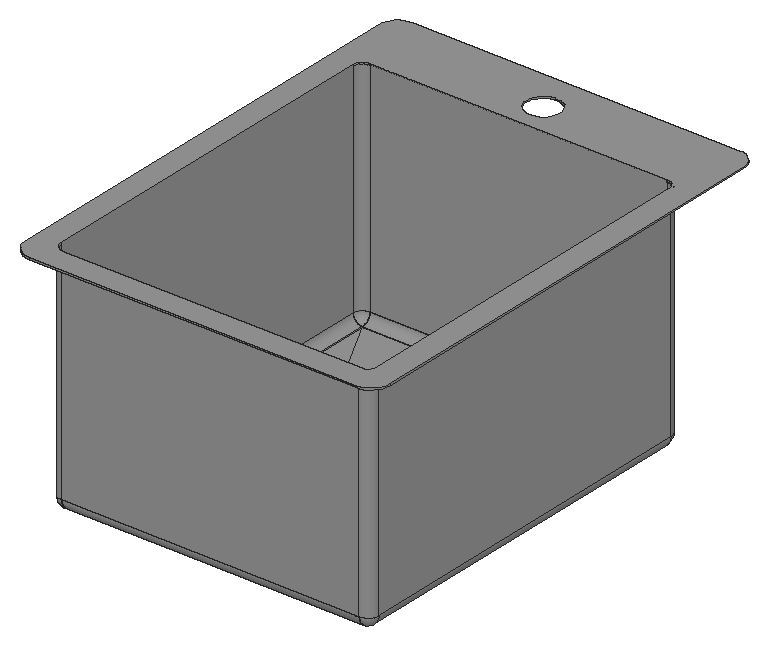
Revit family "BUILDMAT-SNGDTL020-Evelyn-380-Tap-Landing-Brass-Gold", category Plumbing Fixtures, host Face, Revit 2026
Family settings
  Host = Face
  Round Connector Dimension = Use Diameter
  Part Type = Normal
  Enable Cutting in Views = No
  Cut with Voids When Loaded = No
  Maintain Annotation Orientation = No
  Shared = No
  Room Calculation Point = No
Parameters (values of type "Evelyn 380x500x250mm Brushed Brass Gold")
  Width = 330.0 mm
  Undermount [instance] = 0.0 mm
  URL = "https://www.buildmat.com.au/products/evelyn-380-single-bowl-tap-landing-sink"
  Model = "TLAN020"  # constant formula
  Manufacturer URL = "https://www.buildmat.com.au/"
  Manufacturer = "BUILDMAT"  # constant formula
  Length = 400.0 mm
  Description = "BUILDMAT - Evelyn 380x500 Single Bowl with Tap Landing Sink"  # constant formula
  Depth = 250.0 mm
  Default Elevation = 1219.2 mm
  Created By URL = "https://www.buildmat.com.au/"
  Created By = "BUILDMAT"  # constant formula
  Created = "22.06.2022"  # constant formula
  Material = BUILDMAT Brass Gold
Reference planes
  plane 1 "Center (Front/Back)": y = 0
  plane 2: z = 0
  plane 3 "Center (Left/Right)": x = 0
  plane 4 "Top Substrate": z = 0
  plane 5 "Left": x = -165
  plane 6 "Right": x = 165
  plane 7 "Back": y = 200
  plane 8 "Front": y = -200
  plane 9: x = -190
  plane 10: x = 190
  plane 11: y = -225
  plane 12: y = 275
  plane 13 "Bottom Void": z = -250
  plane 14: z = 1.5
  plane 15: x = -166.5
  plane 16: y = -201.5
  plane 17: x = 166.5
  plane 18: y = 201.5
  plane 19: z = -240
  plane 20: z = -230
  plane 21: x = -155
  plane 22: x = 155
  plane 23: y = -190
  plane 24: y = 190
  plane 25: z = -245
  plane 26: z = -241.5
  plane 27: z = -246.5
  plane 28: x = -100
  plane 29: x = 100
  plane 30 "Sound Pad": z = -130
  plane 31 "Front Bracket": y = -100
  plane 32 "Back Bracket": y = 100
  plane 33: x = -65
  plane 34: x = 65
  plane 35: x = -57
  plane 36: x = 57
  plane 37: x = -45
  plane 38: x = 45
  plane 39: y = 232
  plane 40: y = 251.5
  plane 41: x = -178.2
  plane 42: z = -15
  plane 43: x = 178.2
  plane 44: x = -176.7
  plane 45: x = 176.7
Forms (mm)
  Extrusion 1, void
    sketch origin (0, 0, 0) x (1, 0, 0) y (0, 1, 0)
      loop
        arc (-155, 200) -> (-162.071, 197.071) -> (-165, 190) r 10
        line (-165, 190) -> (-165, -190)
        arc (-165, -190) -> (-162.071, -197.071) -> (-155, -200) r 10
        line (-155, -200) -> (155, -200)
        arc (155, -200) -> (162.071, -197.071) -> (165, -190) r 10
        line (165, -190) -> (165, 190)
        arc (165, 190) -> (162.071, 197.071) -> (155, 200) r 10
        line (155, 200) -> (-155, 200)
    from 0 to 1.5
  Extrusion 2, void
    sketch origin (0, 0, 0) x (1, 0, 0) y (0, 1, 0)
      loop
        line (-166.5, 201.5) -> (-166.5, -201.5) -> (166.5, -201.5) -> (166.5, 201.5) -> (-166.5, 201.5)
    from 0 to -250
  Extrusion 3, void
    sketch origin (0, 0, 0) x (1, 0, 0) y (0, 1, 0)
      loop
        arc (-170, 275) -> (-184.142, 269.142) -> (-190, 255) r 20
        line (-190, 255) -> (-190, -205)
        arc (-190, -205) -> (-184.142, -219.142) -> (-170, -225) r 20
        line (-170, -225) -> (170, -225)
        arc (170, -225) -> (184.142, -219.142) -> (190, -205) r 20
        line (190, -205) -> (190, 255)
        arc (190, 255) -> (184.142, 269.142) -> (170, 275) r 20
        line (170, 275) -> (-170, 275)
    from 1.5 to 0
  Extrusion 4, solid, material "BUILDMAT Brass Gold" <- "Material"
    sketch origin (0, 0, 0) x (-1, 0, 0) y (0, -1, 0)
      loop
        arc (170, -275) -> (184.142, -269.142) -> (190, -255) r 20
        line (190, -255) -> (190, 205)
        arc (190, 205) -> (184.142, 219.142) -> (170, 225) r 20
        line (170, 225) -> (-170, 225)
        arc (-170, 225) -> (-184.142, 219.142) -> (-190, 205) r 20
        line (-190, 205) -> (-190, -255)
        arc (-190, -255) -> (-184.142, -269.142) -> (-170, -275) r 20
        line (-170, -275) -> (170, -275)
      loop
        arc (155, -200) -> (162.071, -197.071) -> (165, -190) r 10
        line (165, -190) -> (165, 190)
        arc (165, 190) -> (162.071, 197.071) -> (155, 200) r 10
        line (155, 200) -> (-155, 200)
        arc (-155, 200) -> (-162.071, 197.071) -> (-165, 190) r 10
        line (-165, 190) -> (-165, -190)
        arc (-165, -190) -> (-162.071, -197.071) -> (-155, -200) r 10
        line (-155, -200) -> (155, -200)
    from 0 to 1.5
  Extrusion 5, solid, material "BUILDMAT Brass Gold" <- "Material"
    sketch origin (0, 0, 0) x (-1, 0, 0) y (0, -1, 0)
      loop
        arc (155, -201.5) -> (163.132, -198.132) -> (166.5, -190) r 11.5
        line (166.5, -190) -> (166.5, 190)
        arc (166.5, 190) -> (163.132, 198.132) -> (155, 201.5) r 11.5
        line (155, 201.5) -> (-155, 201.5)
        arc (-155, 201.5) -> (-163.132, 198.132) -> (-166.5, 190) r 11.5
        line (-166.5, 190) -> (-166.5, -190)
        arc (-166.5, -190) -> (-163.132, -198.132) -> (-155, -201.5) r 11.5
        line (-155, -201.5) -> (155, -201.5)
      loop
        arc (-155, 200) -> (-162.071, 197.071) -> (-165, 190) r 10
        line (-165, 190) -> (-165, -190)
        arc (-165, -190) -> (-162.071, -197.071) -> (-155, -200) r 10
        line (-155, -200) -> (155, -200)
        arc (155, -200) -> (162.071, -197.071) -> (165, -190) r 10
        line (165, -190) -> (165, 190)
        arc (165, 190) -> (162.071, 197.071) -> (155, 200) r 10
        line (155, 200) -> (-155, 200)
    from 0 to -230
  Revolve 6, solid, material "BUILDMAT Brass Gold" <- "Material"
    sketch origin (-175.162, 190, 1219.2) x (-1, 0, 0) y (0, 0, 1)
      loop
        line (-340.162, -1449.2) -> (-341.662, -1449.2)
        arc (-341.662, -1449.2) -> (-338.293, -1457.332) -> (-330.162, -1460.7) r 11.5
        line (-330.162, -1460.7) -> (-330.162, -1459.2)
        arc (-330.162, -1459.2) -> (-337.233, -1456.271) -> (-340.162, -1449.2) r 10
      axis (-330.162, -1460.7) -> (-330.162, -1449.2)
    angle from 0 to -90
  Revolve 7, solid, material "BUILDMAT Brass Gold" <- "Material"
    sketch origin (-175.162, 190, 1219.2) x (-1, 0, 0) y (0, 0, 1)
      loop
        arc (-10.162, -1449.2) -> (-13.091, -1456.271) -> (-20.162, -1459.2) r 10
        line (-20.162, -1459.2) -> (-20.162, -1460.7)
        arc (-20.162, -1460.7) -> (-12.03, -1457.332) -> (-8.662, -1449.2) r 11.5
        line (-8.662, -1449.2) -> (-10.162, -1449.2)
      axis (-20.162, -1449.2) -> (-20.162, -1460.7)
    angle from 0 to -90
  Revolve 8, solid, material "BUILDMAT Brass Gold" <- "Material"
    sketch origin (-175.162, -190, 1219.2) x (-1, 0, 0) y (0, 0, 1)
      loop
        arc (-10.162, -1449.2) -> (-13.091, -1456.271) -> (-20.162, -1459.2) r 10
        line (-20.162, -1459.2) -> (-20.162, -1460.7)
        arc (-20.162, -1460.7) -> (-12.03, -1457.332) -> (-8.662, -1449.2) r 11.5
        line (-8.662, -1449.2) -> (-10.162, -1449.2)
      axis (-20.162, -1449.2) -> (-20.162, -1460.7)
    angle from 0 to 90
  Revolve 9, solid, material "BUILDMAT Brass Gold" <- "Material"
    sketch origin (-175.162, -190, 1219.2) x (-1, 0, 0) y (0, 0, 1)
      loop
        line (-340.162, -1449.2) -> (-341.662, -1449.2)
        arc (-341.662, -1449.2) -> (-338.293, -1457.332) -> (-330.162, -1460.7) r 11.5
        line (-330.162, -1460.7) -> (-330.162, -1459.2)
        arc (-330.162, -1459.2) -> (-337.233, -1456.271) -> (-340.162, -1449.2) r 10
      axis (-330.162, -1449.2) -> (-330.162, -1460.7)
    angle from 0 to 90
  Extrusion 10, solid, material "BUILDMAT Brass Gold" <- "Material"
    sketch origin (0, 0, 0) x (1, 0, 0) y (0, 0, 1)
      loop
        line (-165, -230) -> (-166.5, -230)
        arc (-166.5, -230) -> (-163.132, -238.132) -> (-155, -241.5) r 11.5
        line (-155, -241.5) -> (-155, -240)
        arc (-155, -240) -> (-162.071, -237.071) -> (-165, -230) r 10
    from -190 to 190
  Extrusion 11, solid, material "BUILDMAT Brass Gold" <- "Material"
    sketch origin (0, 0, 0) x (1, 0, 0) y (0, 0, 1)
      loop
        arc (165, -230) -> (162.071, -237.071) -> (155, -240) r 10
        line (155, -240) -> (155, -241.5)
        arc (155, -241.5) -> (163.132, -238.132) -> (166.5, -230) r 11.5
        line (166.5, -230) -> (165, -230)
    from -190 to 190
  Extrusion 12, solid, material "BUILDMAT Brass Gold" <- "Material"
    sketch origin (0, 0, 0) x (0, 1, 0) y (0, 0, 1)
      loop
        arc (200, -230) -> (197.071, -237.071) -> (190, -240) r 10
        line (190, -240) -> (190, -241.5)
        arc (190, -241.5) -> (198.132, -238.132) -> (201.5, -230) r 11.5
        line (201.5, -230) -> (200, -230)
    from -155 to 155
  Extrusion 13, solid, material "BUILDMAT Brass Gold" <- "Material"
    sketch origin (0, 0, 0) x (0, 1, 0) y (0, 0, 1)
      loop
        line (-200, -230) -> (-201.5, -230)
        arc (-201.5, -230) -> (-198.132, -238.132) -> (-190, -241.5) r 11.5
        line (-190, -241.5) -> (-190, -240)
        arc (-190, -240) -> (-197.071, -237.071) -> (-200, -230) r 10
    from -155 to 155
  Revolve 14, solid, material "BUILDMAT Brass Gold" <- "Material"
    sketch origin (0, 0, 0) x (1, 0, 0) y (0, 0, 1)
      loop
        line (-45, -250) -> (-45, -248.5)
        spline (-45, -248.5) -> (-46.484, -248.459) -> (-47.939, -248.339) -> (-49.337, -248.141) -> (-50.649, -247.871) -> (-51.848, -247.537) -> (-52.908, -247.151) -> (-53.805, -246.726) -> (-54.514, -246.283) -> (-55.023, -245.856) -> (-55.329, -245.483) -> (-55.468, -245.202) -> (-55.5, -245)
        line (-55.5, -245) -> (-57, -245)
        spline (-57, -245) -> (-56.897, -245.653) -> (-56.591, -246.294) -> (-56.087, -246.913) -> (-55.392, -247.5) -> (-54.52, -248.044) -> (-53.485, -248.536) -> (-52.305, -248.967) -> (-51, -249.33) -> (-49.592, -249.619) -> (-48.106, -249.83) -> (-46.566, -249.957) -> (-45, -250)
      axis (0, -245) -> (0, -250)
    angle from 0 to 360
  Blend 15, solid, material "BUILDMAT Brass Gold" <- "Material"
    base sketch origin (0, 0, 0) x (-1, 0, 0) y (0, -1, 0)
      loop
        circle (0, 0) r 57
    top sketch origin (0, 0, 0) x (-1, 0, 0) y (0, -1, 0)
      loop
        line (155, -190) -> (155, 190) -> (-155, 190) -> (-155, -190) -> (155, -190)
    from -246.5 to -241.5
  Blend 16, void
    base sketch origin (0, 0, 0) x (-1, 0, 0) y (0, -1, 0)
      loop
        circle (0, 0) r 57
    top sketch origin (0, 0, 0) x (-1, 0, 0) y (0, -1, 0)
      loop
        line (155, -190) -> (155, 190) -> (-155, 190) -> (-155, -190) -> (155, -190)
    from -245 to -240
  Extrusion 17, solid, material "BUILDMAT Brass Gold" <- "Material"
    sketch origin (0, 0, 0) x (-1, 0, 0) y (0, -1, 0)
      loop
        line (155, -190) -> (155, 190) -> (-155, 190) -> (-155, -190) -> (155, -190)
    from -241.5 to -240
  Extrusion 18, void
    sketch origin (0, 0, 0) x (-1, 0, 0) y (0, -1, 0)
      loop
        circle (0, 0) r 57
    from -250 to -230
  Extrusion 19, void
    sketch origin (0, 0, 0) x (-1, 0, 0) y (0, -1, 0)
      loop
        circle (0, -232) r 17.5
    from 0 to 100
Cuts and joins
  Extrusion 19 cuts Extrusion 4
  Extrusion 19 cuts Extrusion 5
  joined: Extrusion 4, Extrusion 5
  joined: Revolve 6, Revolve 9
  joined: Revolve 7, Revolve 8
  Blend 16, Extrusion 18 cuts Blend 15
  Blend 16, Extrusion 18 cuts Extrusion 17
  joined: Blend 15, Extrusion 17
Lines and regions (mm)
  Masking region 1
    outline origin (0, 0, 0) x (1, 0, 0) y (0, 0, 1)
      loop
        line (165, 0) -> (-165, 0) -> (-165, -230)
        arc (-165, -230) -> (-162.071, -237.071) -> (-155, -240) r 10
        line (-155, -240) -> (-57, -245) -> (57, -245) -> (155, -240)
        arc (155, -240) -> (162.071, -237.071) -> (165, -230) r 10
        line (165, -230) -> (165, 0)
  Masking region 2
    outline origin (0, 0, 0) x (1, 0, 0) y (0, 0, 1)
      loop
        line (-100, -244.306) -> (-100, -250) -> (-57, -250) -> (-57, -246.5) -> (-100, -244.306)
  Masking region 3
    outline origin (0, 0, 0) x (1, 0, 0) y (0, 0, 1)
      loop
        line (57, -246.5) -> (57, -250) -> (100, -250) -> (100, -244.306) -> (57, -246.5)
  Masking region 4
    outline origin (0, 0, 0) x (1, 0, 0) y (0, 0, 1)
      loop
        line (-178.2, 0) -> (-178.2, -15) -> (-176.7, -15) -> (-176.7, 0) -> (-178.2, 0)
  Masking region 5
    outline origin (0, 0, 0) x (1, 0, 0) y (0, 0, 1)
      loop
        line (176.7, 0) -> (176.7, -15) -> (178.2, -15) -> (178.2, 0) -> (176.7, 0)
Text (mm)
  text "Refer to www.buildmat.com.au for the most current product literature. \nAllow a +/- 5mm tolerance for dimensions shown in the product literature. \nPlease note product details are subject to change due to ongoing product development." at (0.056, -1035.857, 0), in view "Ref. Level"
Dimensions and locks
  "Undermount": plane 2 to plane 4 "Top Substrate"
  equal spacing: plane 5 "Left", plane 3 "Center (Left/Right)", plane 6 "Right"
  "Width": plane 5 "Left" to plane 6 "Right"
  "Length": plane 7 "Back" to plane 8 "Front"
  equal spacing: plane 7 "Back", plane 1 "Center (Front/Back)", plane 8 "Front"
  locked: plane 12 to plane 7 "Back" at 75
  locked: plane 8 "Front" to plane 11 at 25
  locked: plane 9 to plane 5 "Left" at 25
  locked: plane 6 "Right" to plane 10 at 25
  "Depth": plane 4 "Top Substrate" to plane 13 "Bottom Void"
  locked: plane 14 to plane 4 "Top Substrate" at 1.5
  locked: plane 18 to plane 7 "Back" at 1.5
  locked: plane 8 "Front" to plane 16 at 1.5
  plane 15 to plane 5 "Left" = 1.5 mm
  plane 6 "Right" to plane 17 = 1.5 mm
  plane 20 to plane 19 to plane 13 "Bottom Void" = 10.0 mm, 10.0 mm
  locked: plane 5 "Left" to plane 21 at 10
  locked: plane 22 to plane 6 "Right" at 10
  locked: plane 7 "Back" to plane 24 at 10
  locked: plane 23 to plane 8 "Front" at 10
  locked: plane 19 to plane 26 at 1.5
  locked: plane 25 to plane 13 "Bottom Void" at 5
  locked: plane 25 to plane 27 at 1.5
  plane 29 to plane 3 "Center (Left/Right)" to plane 28 = 100.0 mm locked, 100.0 mm locked
  locked: plane 30 "Sound Pad" to plane 13 "Bottom Void" at 120
  locked: plane 7 "Back" to plane 32 "Back Bracket" at 100
  locked: plane 31 "Front Bracket" to plane 8 "Front" at 100
  locked: plane 33 to plane 5 "Left" at 100
  locked: plane 6 "Right" to plane 34 at 100
  plane 37 to plane 3 "Center (Left/Right)" to plane 38 = 45.0 mm locked, 45.0 mm locked
  plane 35 to plane 3 "Center (Left/Right)" to plane 36 = 57.0 mm locked, 57.0 mm locked
  locked: plane 12 to plane 39 at 43
  locked: plane 40 to plane 18 at 50
  plane 44 to plane 41 to plane 9 = 1.5 mm locked, 11.8 mm locked
  plane 10 to plane 43 to plane 45 = 11.8 mm locked, 1.5 mm locked
  locked: plane 4 "Top Substrate" to plane 42 at 15
  aligned and locked: plane 2 to host face
  aligned and locked: level to host face
  aligned and locked: plane 8 "Front" to Extrusion 1 sketch curve
  aligned and locked: Extrusion 1 sketch curve to plane 7 "Back"
  aligned and locked: plane 5 "Left" to Extrusion 1 sketch curve
  aligned and locked: Extrusion 1 sketch curve to plane 6 "Right"
  aligned and locked: plane 2 to Extrusion 1
  aligned and locked: Extrusion 1 to plane 14
  aligned and locked: Extrusion 2 sketch curve to plane 16
  aligned and locked: Extrusion 2 sketch curve to plane 18
  aligned and locked: plane 15 to Extrusion 2 sketch curve
  aligned and locked: plane 17 to Extrusion 2 sketch curve
  aligned and locked: Extrusion 2 to plane 13 "Bottom Void"
  aligned and locked: plane 4 "Top Substrate" to Extrusion 2
  aligned and locked: plane 11 to Extrusion 3 sketch curve
  aligned and locked: plane 9 to Extrusion 3 sketch curve
  aligned and locked: Extrusion 3 sketch curve to plane 10
  aligned and locked: Extrusion 3 sketch curve to plane 12
  aligned and locked: Extrusion 3 to plane 4 "Top Substrate"
  aligned and locked: plane 14 to Extrusion 3
  aligned and locked: plane 11 to Extrusion 4 sketch curve
  aligned and locked: Extrusion 4 sketch curve to plane 12
  aligned and locked: plane 9 to Extrusion 4 sketch curve
  aligned and locked: Extrusion 4 sketch curve to plane 10
  aligned and locked: plane 5 "Left" to Extrusion 4 sketch curve
  aligned and locked: Extrusion 4 sketch curve to plane 6 "Right"
  aligned and locked: Extrusion 4 sketch curve to plane 7 "Back"
  aligned and locked: plane 8 "Front" to Extrusion 4 sketch curve
  aligned and locked: Extrusion 5 sketch curve to plane 7 "Back"
  aligned and locked: plane 5 "Left" to Extrusion 5 sketch curve
  aligned and locked: Extrusion 5 sketch curve to plane 6 "Right"
  aligned and locked: plane 8 "Front" to Extrusion 5 sketch curve
  aligned and locked: plane 15 to Extrusion 5 sketch curve
  aligned and locked: Extrusion 5 sketch curve to plane 16
  aligned and locked: plane 17 to Extrusion 5 sketch curve
  aligned and locked: Extrusion 5 sketch curve to plane 18
  aligned and locked: Extrusion 5 to plane 20
  aligned and locked: plane 4 "Top Substrate" to Extrusion 5
  aligned and locked: Extrusion 11 to plane 23
  aligned and locked: plane 24 to Extrusion 11
  aligned and locked: plane 24 to Extrusion 10
  aligned and locked: Extrusion 10 to plane 23
  aligned and locked: Extrusion 13 to plane 21
  aligned and locked: plane 22 to Extrusion 13
  aligned and locked: plane 22 to Extrusion 12
  aligned and locked: Extrusion 12 to plane 21
  aligned and locked: plane 21 to Blend 15 sketch curve
  aligned and locked: Blend 15 sketch curve to plane 22
  aligned and locked: plane 23 to Blend 15 sketch curve
  aligned and locked: Blend 15 sketch curve to plane 24
  aligned and locked: plane 27 to Blend 15
  aligned and locked: Blend 15 to plane 26
  aligned and locked: Blend 16 sketch curve to plane 24
  aligned and locked: plane 21 to Blend 16 sketch curve
  aligned and locked: Blend 16 sketch curve to plane 22
  aligned and locked: plane 23 to Blend 16 sketch curve
  aligned and locked: Blend 16 to plane 25
  aligned and locked: plane 19 to Blend 16
  aligned and locked: Extrusion 17 sketch curve to plane 24
  aligned and locked: plane 23 to Extrusion 17 sketch curve
  aligned and locked: plane 21 to Extrusion 17 sketch curve
  aligned and locked: Extrusion 17 sketch curve to plane 22
  aligned and locked: Extrusion 17 to plane 26
  aligned and locked: plane 19 to Extrusion 17
  aligned and locked: Extrusion 18 to plane 13 "Bottom Void"
  aligned and locked: plane 20 to Extrusion 18
  aligned and locked: cut or joined group of Blend 15, Blend 16, Extrusion 17, Extrusion 18 to Masking region 2 sketch curve
  aligned and locked: Masking region 3 sketch curve to cut or joined group of Blend 15, Blend 16, Extrusion 17, Extrusion 18
  aligned and locked: plane 3 "Center (Left/Right)" to nested 1
  aligned and locked: nested 1 to plane 30 "Sound Pad"
  aligned and locked: plane 31 "Front Bracket" to nested 3
  aligned and locked: plane 15 to nested 3
  aligned and locked: nested 5 to plane 31 "Front Bracket"
  aligned and locked: plane 17 to nested 5
  aligned and locked: nested 4 to plane 32 "Back Bracket"
  aligned and locked: plane 17 to nested 4
  aligned and locked: plane 32 "Back Bracket" to nested 2
  aligned and locked: plane 15 to nested 2
  aligned and locked: nested 6 to plane 4 "Top Substrate"
  aligned and locked: nested 6 to plane 33
  aligned and locked: nested 7 to plane 4 "Top Substrate"
  aligned and locked: nested 7 to plane 34
  aligned and locked: nested 10 to plane 33
  aligned and locked: nested 11 to plane 34
  aligned and locked: plane 16 to nested 10
  aligned and locked: plane 16 to nested 11
  aligned and locked: plane 33 to nested 8
  aligned and locked: plane 34 to nested 9
  aligned and locked: plane 23 to nested 12
  aligned and locked: plane 24 to nested 12
  aligned and locked: plane 22 to nested 12
  aligned and locked: plane 21 to nested 12
  aligned and locked: plane 3 "Center (Left/Right)" to nested 13
  aligned and locked: plane 1 "Center (Front/Back)" to nested 13
  aligned and locked: plane 4 "Top Substrate" to Masking region 1
  aligned and locked: nested 9 to plane 40
  aligned and locked: nested 8 to plane 40
  aligned and locked: Extrusion 19 to plane 4 "Top Substrate"
  aligned and locked: Masking region 4 sketch curve to plane 4 "Top Substrate"
  aligned and locked: Masking region 4 sketch curve to plane 42
  aligned and locked: Masking region 4 sketch curve to plane 41
  aligned and locked: Masking region 4 sketch curve to plane 44
  aligned and locked: Masking region 5 sketch curve to plane 4 "Top Substrate"
  aligned and locked: Masking region 5 sketch curve to plane 42
  aligned and locked: Masking region 5 sketch curve to plane 43
  aligned and locked: Masking region 5 sketch curve to plane 45
Automatic sketch dimensions
  host sketch curve to host sketch curve = 2438.4 mm  (x2)
  plane 5 "Left" to Extrusion 1 sketch curve = 10.0 mm  (x2)
  Extrusion 1 sketch curve to plane 6 "Right" = 10.0 mm  (x2)
  Extrusion 4 sketch curve to plane 10 = 20.0 mm  (x2)
  Extrusion 4 sketch curve to Extrusion 4 sketch curve = 10.0 mm  (x2)
  plane 5 "Left" to Extrusion 4 sketch curve = 10.0 mm
  plane 9 to Extrusion 4 sketch curve = 20.0 mm
  plane 8 "Front" to Extrusion 4 sketch curve = 10.0 mm
  plane 11 to Extrusion 4 sketch curve = 20.0 mm
  Extrusion 3 sketch curve to plane 5 "Left" = 5.0 mm
  plane 6 "Right" to Extrusion 3 sketch curve = 5.0 mm  (x2)
  plane 7 "Back" to Extrusion 3 sketch curve = 55.0 mm
  plane 5 "Left" to Extrusion 5 sketch curve = 10.0 mm
  Extrusion 5 sketch curve to plane 6 "Right" = 10.0 mm
  plane 8 "Front" to Extrusion 5 sketch curve = 10.0 mm
  Extrusion 5 sketch curve to plane 7 "Back" = 10.0 mm
  Extrusion 5 sketch curve to Extrusion 5 sketch curve = 0.0 mm  (x4)
  Revolve 6 sketch curve to Revolve 6 sketch curve = 0.0 mm  (x3)
  plane 17 to Revolve 6 sketch curve = 0.0 mm
  Revolve 6 sketch curve to plane 6 "Right" = 0.0 mm
  Revolve 6 sketch curve to plane 22 = 0.0 mm  (x2)
  Revolve 6 sketch curve to plane 19 = 0.0 mm
  Revolve 6 sketch curve to plane 20 = 0.0 mm
  Revolve 7 sketch curve to Revolve 7 sketch curve = 0.0 mm  (x3)
  Revolve 7 sketch curve to plane 20 = 0.0 mm  (x2)
  Revolve 7 sketch curve to plane 21 = 0.0 mm  (x2)
  Revolve 7 sketch curve to plane 5 "Left" = 0.0 mm
  Revolve 7 sketch curve to plane 15 = 0.0 mm
  Revolve 8 sketch curve to Revolve 8 sketch curve = 0.0 mm  (x3)
  Revolve 8 sketch curve to plane 20 = 0.0 mm  (x2)
  Revolve 8 sketch curve to plane 21 = 0.0 mm  (x2)
  Revolve 8 sketch curve to plane 5 "Left" = 0.0 mm
  Revolve 8 sketch curve to plane 15 = 0.0 mm
  Revolve 9 sketch curve to Revolve 9 sketch curve = 0.0 mm  (x3)
  plane 17 to Revolve 9 sketch curve = 0.0 mm
  Revolve 9 sketch curve to plane 6 "Right" = 0.0 mm
  Revolve 9 sketch curve to plane 22 = 0.0 mm  (x2)
  Revolve 9 sketch curve to plane 20 = 0.0 mm
  Revolve 9 sketch curve to plane 19 = 0.0 mm
  Extrusion 10 sketch curve to plane 15 = 0.0 mm
  Extrusion 10 sketch curve to plane 5 "Left" = 0.0 mm
  Extrusion 10 sketch curve to plane 19 = 0.0 mm
  Extrusion 10 sketch curve to plane 21 = 0.0 mm
  Extrusion 11 sketch curve to plane 20 = 0.0 mm
  Extrusion 11 sketch curve to plane 22 = 0.0 mm
  Extrusion 11 sketch curve to plane 6 "Right" = 0.0 mm
  plane 17 to Extrusion 11 sketch curve = 0.0 mm
  Extrusion 12 sketch curve to plane 20 = 0.0 mm
  Extrusion 12 sketch curve to plane 24 = 0.0 mm
  Extrusion 12 sketch curve to plane 7 "Back" = 0.0 mm
  Extrusion 12 sketch curve to plane 18 = 0.0 mm
  Extrusion 13 sketch curve to plane 16 = 0.0 mm
  Extrusion 13 sketch curve to plane 8 "Front" = 0.0 mm
  Extrusion 13 sketch curve to plane 23 = 0.0 mm
  Extrusion 13 sketch curve to plane 19 = 0.0 mm
  Revolve 14 sketch curve to plane 25 = 0.0 mm
  Revolve 14 sketch curve to plane 13 "Bottom Void" = 0.0 mm  (x2)
  Revolve 14 sketch curve to plane 3 "Center (Left/Right)" = 0.0 mm
  Revolve 14 sketch curve to plane 20 = 0.0 mm
  Revolve 14 sketch curve to plane 3 "Center (Left/Right)" = 45.0 mm
  Revolve 14 sketch curve to Revolve 14 sketch curve = 10.5 mm
  Revolve 14 sketch curve to Revolve 14 sketch curve = 1.5 mm  (x2)
  Revolve 14 sketch curve to Revolve 14 sketch curve = 0.0 mm
  plane 1 "Center (Front/Back)" to Blend 15 sketch curve = 0.0 mm
  Blend 15 sketch curve to plane 3 "Center (Left/Right)" = 0.0 mm
  plane 1 "Center (Front/Back)" to Blend 16 sketch curve = 0.0 mm
  Blend 16 sketch curve to plane 3 "Center (Left/Right)" = 0.0 mm
  plane 1 "Center (Front/Back)" to Extrusion 18 sketch curve = 0.0 mm
  Extrusion 18 sketch curve to plane 3 "Center (Left/Right)" = 0.0 mm
  Masking region 1 sketch curve to level = 0.0 mm
  Masking region 1 sketch curve to plane 20 = 0.0 mm
  Masking region 1 sketch curve to plane 21 = 0.0 mm
  Masking region 1 sketch curve to plane 25 = 0.0 mm
  Masking region 1 sketch curve to plane 3 "Center (Left/Right)" = 57.0 mm
  plane 3 "Center (Left/Right)" to Masking region 1 sketch curve = 57.0 mm
  Masking region 1 sketch curve to plane 19 = 0.0 mm
  Masking region 1 sketch curve to plane 22 = 0.0 mm
  Masking region 1 sketch curve to plane 6 "Right" = 0.0 mm
  Masking region 1 sketch curve to plane 5 "Left" = 0.0 mm
  Masking region 2 sketch curve to plane 28 = 0.0 mm
  Masking region 2 sketch curve to plane 13 "Bottom Void" = 0.0 mm
  Masking region 2 sketch curve to plane 27 = 0.0 mm
  Masking region 3 sketch curve to plane 27 = 0.0 mm
  Masking region 3 sketch curve to plane 13 "Bottom Void" = 0.0 mm
  Masking region 3 sketch curve to plane 29 = 0.0 mm
  Extrusion 19 sketch curve to plane 3 "Center (Left/Right)" = 0.0 mm
  Extrusion 19 sketch curve to plane 39 = 0.0 mm
  radius of Blend 15 sketch curve = 57.0 mm
  radius of Blend 16 sketch curve = 57.0 mm
  radius of Extrusion 18 sketch curve = 57.0 mm
  radius of Extrusion 19 sketch curve = 17.5 mm
Nested families
  nested 1: "SP_Front" at (0, 0, -130) x (1, 0, 0) z (0, -1, 0), type "SP_Front", not visible
  nested 2: "TMB_Plan" at (-166.5, 100, 0) x (0, 1, 0) z (0, 0, 1), type "TMB_Plan"
  nested 3: "TMB_Plan" at (-166.5, -100, 0) x (0, 1, 0) z (0, 0, 1), type "TMB_Plan"
  nested 4: "TMB_Plan" at (166.5, 100, 0) x (0, -1, 0) z (0, 0, 1), type "TMB_Plan"
  nested 5: "TMB_Plan" at (166.5, -100, 0) x (0, -1, 0) z (0, 0, 1), type "TMB_Plan"
  nested 6: "TMB_Front" at (-65, 0, 0) x (1, 0, 0) z (0, -1, 0), type "TMB_Front"
  nested 7: "TMB_Front" at (65, 0, 0) x (1, 0, 0) z (0, -1, 0), type "TMB_Front"
  nested 8: "TMB_Plan" at (-65, 251.5, 0), type "TMB_Plan"
  nested 9: "TMB_Plan" at (65, 251.5, 0), type "TMB_Plan"
  nested 10: "TMB_Plan" at (-65, -201.5, 0) x (-1, 0, 0) z (0, 0, 1), type "TMB_Plan"
  nested 11: "TMB_Plan" at (65, -201.5, 0) x (-1, 0, 0) z (0, 0, 1), type "TMB_Plan"
  nested 12: "BOWL Plan" at (0, 0, -130), type "BOWL Plan"
    with Width 310.0 mm, Lenght 380.0 mm
  nested 13: "DRAIN" at (0, 0, 0), type "DRAIN"
Definition of nested family "SP_Front"
  Reference planes
    plane 1 "Center (Elevation)": y = 0
    plane 2: z = 0
    plane 3 "Center (Left/Right)": x = 0
  Lines and regions (mm)
    Masking region 1, in view "Ref. Level"
      outline origin (0, 0, 0) x (1, 0, 0) y (0, 1, 0)
        loop
          arc (-50, 40) -> (-57.071, 37.071) -> (-60, 30) r 10
          line (-60, 30) -> (-60, -30)
          arc (-60, -30) -> (-57.071, -37.071) -> (-50, -40) r 10
          line (-50, -40) -> (50, -40)
          arc (50, -40) -> (57.071, -37.071) -> (60, -30) r 10
          line (60, -30) -> (60, 30)
          arc (60, 30) -> (57.071, 37.071) -> (50, 40) r 10
          line (50, 40) -> (-50, 40)
    detail lines, in view "Ref. Level"
      curve 1: line (-50, 40, 0) -> (50, 40, 0)
      curve 2: line (50, -40, 0) -> (-50, -40, 0)
      curve 3: line (60, 30, 0) -> (60, -30, 0)
      curve 4: line (-60, 30, 0) -> (-60, -30, 0)
      curve 5: arc (-50, 40, 0) -> (-57.071, 37.071, 0) -> (-60, 30, 0) r 10
      curve 6: arc (-60, -30, 0) -> (-57.071, -37.071, 0) -> (-50, -40, 0) r 10
      curve 7: arc (50, -40, 0) -> (57.071, -37.071, 0) -> (60, -30, 0) r 10
      curve 8: arc (60, 30, 0) -> (57.071, 37.071, 0) -> (50, 40, 0) r 10
  Dimensions and locks
    aligned and locked: Masking region 1 sketch curve to curve 1
    aligned and locked: Masking region 1 sketch curve to curve 4
    aligned and locked: Masking region 1 sketch curve to curve 2
    aligned and locked: Masking region 1 sketch curve to curve 3
Definition of nested family "TMB_Plan"
  Reference planes
    plane 1 "Center (Front/Back)": y = 0
    plane 2: z = 0
    plane 3 "Center (Left/Right)": x = 0
  Lines and regions (mm)
    detail lines, in view "Ref. Level"
      curve 1: line (-17.5, 0, 0) -> (17.5, 0, 0)
      curve 2: line (17.5, 0, 0) -> (17.5, 5, 0)
      curve 3: line (17.5, 5, 0) -> (12.5, 5, 0)
      curve 4: line (-17.5, 0, 0) -> (-17.5, 5, 0)
      curve 5: line (-17.5, 5, 0) -> (-12.5, 5, 0)
Definition of nested family "TMB_Front"
  Reference planes
    plane 1 "Center (Elevation)": y = 0
    plane 2: z = 0
    plane 3 "Center (Left/Right)": x = 0
  Lines and regions (mm)
    Masking region 1, in view "Ref. Level"
      outline origin (0, 0, 0) x (1, 0, 0) y (0, 1, 0)
        loop
          line (-17.5, 0) -> (-17.5, -80) -> (17.5, -80) -> (17.5, 0) -> (-17.5, 0)
    detail lines, in view "Ref. Level"
      curve 1: line (-17.5, 0, 0) -> (-17.5, -80, 0)
      curve 2: line (-17.5, -80, 0) -> (17.5, -80, 0)
      curve 3: line (17.5, -80, 0) -> (17.5, 0, 0)
      curve 4: line (-12.5, -50, 0) -> (12.5, -50, 0)
      curve 5: line (-12.5, -75, 0) -> (-12.5, -50, 0)
      curve 6: line (12.5, -75, 0) -> (-12.5, -75, 0)
      curve 7: line (12.5, -50, 0) -> (12.5, -75, 0)
Definition of nested family "BOWL Plan"
  Parameters (values of type "BOWL Plan")
    Width [instance] = 600.0 mm
    Lenght [instance] = 400.0 mm
  Reference planes
    plane 1 "Center (Front/Back)": y = 0
    plane 2: z = 0
    plane 3 "Center (Left/Right)": x = 0
    plane 4 "Left": x = -300
    plane 5 "Right": x = 300
    plane 6 "Back": y = 200
    plane 7 "Front": y = -200
  Lines and regions (mm)
    Masking region 1, in view "Ref. Level"
      outline origin (0, 0, 0) x (1, 0, 0) y (0, 1, 0)
        loop
          line (-300, 200) -> (-300, -200) -> (300, -200) -> (300, 200) -> (-300, 200)
    detail lines, in view "Ref. Level"
      curve 1: line (-300, 200, 0) -> (300, -200, 0)
      curve 2: line (-300, -200, 0) -> (300, 200, 0)
  Dimensions and locks
    equal spacing: plane 6 "Back", plane 1 "Center (Front/Back)", plane 7 "Front"
    "Lenght": plane 6 "Back" to plane 7 "Front"
    equal spacing: plane 4 "Left", plane 3 "Center (Left/Right)", plane 5 "Right"
    "Width": plane 4 "Left" to plane 5 "Right"
    aligned and locked: plane 4 "Left" to Masking region 1 sketch curve
    aligned and locked: Masking region 1 sketch curve to plane 5 "Right"
    aligned and locked: plane 7 "Front" to Masking region 1 sketch curve
    aligned and locked: Masking region 1 sketch curve to plane 6 "Back"
  Automatic sketch dimensions
    curve 2 to plane 4 "Left" = 0.0 mm
    curve 1 to plane 4 "Left" = 0.0 mm
    curve 2 to plane 5 "Right" = 0.0 mm
    curve 1 to plane 5 "Right" = 0.0 mm
    curve 1 to plane 7 "Front" = 0.0 mm
    curve 2 to plane 7 "Front" = 0.0 mm
    curve 2 to plane 6 "Back" = 0.0 mm
    curve 1 to plane 6 "Back" = 0.0 mm
Definition of nested family "DRAIN"
  Reference planes
    plane 1 "Center (Front/Back)": y = 0
    plane 2: z = 0
    plane 3 "Center (Left/Right)": x = 0
  Lines and regions (mm)
    Masking region 1, in view "Ref. Level"
      outline origin (0, 0, 0) x (1, 0, 0) y (0, 1, 0)
        loop
          circle (0, 0) r 57
    detail lines, in view "Ref. Level"
      curve 1: circle (0, 0, 0) r 45 normal (0, 0, 1)
      curve 2: circle (0, 0, 0) r 55.5 normal (0, 0, 1)
